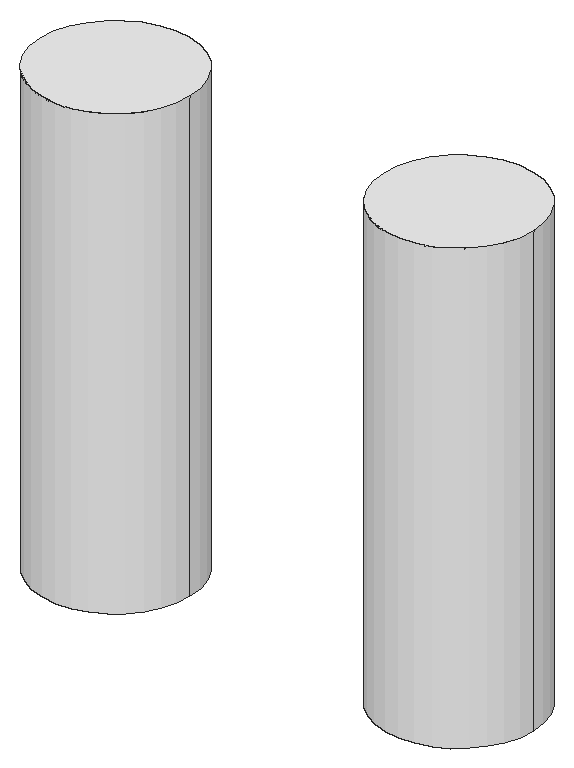
Revit family "93012219(2023)", category Plumbing Fixtures, Revit 2020
Family settings
  Round Connector Dimension = Use Diameter
  Part Type = Normal
  OmniClass Number = 23.45.55.00
  OmniClass Title = Sanitary Faucets, Wastes
  Work Plane-Based = No
  Always vertical = Yes
  Cut with Voids When Loaded = No
  Shared = No
  Room Calculation Point = No
Parameters (values of type "93012219 HANSAELECTRA")
  Working Pressure = "100 - 1000 kPa"
  WarrantyStartDate [instance] = "n/a"
  WarrantyGuarantorParts = "n/a"
  WarrantyGuarantorLabor = "n/a"
  WarrantyDurationUnit = "Year"
  WarrantyDurationParts = "n/a"
  WarrantyDurationLabor = "n/a"
  WarrantyDescription = "http://warranty.hansa.com"
  Warranty Information URL = "http://warranty.hansa.com"
  VersionDate = "20/02/2024"
  Version = "1"
  ValvePattern = "n/a"
  ValveOperation = "n/a"
  ValveMechanism = "n/a"
  Uniclass2015Reference = "Pr_40_20_87_96"
  Uniclass2015Description = "Washbasin manual water supply sets"
  Uniclass2 = "Pr_40_30_96_96"
  URL WEEE = "http://static.hansa.com/WEEE/93012219"
  URL REACH = "http://static.hansa.com/doc/reach"
  URL Materials Declaration = "http://www.hansa.com/fileadmin/resources/188805_93012219_materialsdeclaration.pdf"
  URL Environmental Product Declaration EPD = "http://www.hansa.com/fileadmin/resources/189536_Oras Group EPD_Touchless composite washbasin faucet.pdf"
  URL EcoLabel Declaration = "http://static.hansa.com/doc/EcoLabel"
  URL EU Packaging Declaration = "http://static.hansa.com/doc/packaging"
  URL Declaration of SCIP = "http://static.hansa.com/doc/SCIP"
  URL Declaration of Conformity = "http://static.hansa.com/DoC/93012219"
  URL Declaration of Asbestos = "http://static.hansa.com/doc/asbestos"
  URL Declaration Of Performance (DOP) = "http://static.hansa.com/doc/DoP"
  URL = ""
  UNSPSC Class Number = "30181700 Faucets or taps"
  Type Comments = ""
  TestPressure = "n/a"
  Technical DataSheet URL = "http://www.hansa.com/datasheet/93012219/en"
  TagNumber [instance] = "n/a"
  SustainabilityPerformance = "n/a"
  Surface treatment = "Chrome"
  Spout Type = "Fixed spout"
  Spout Projection = "118 mm"
  Size = "55x165x190 mm"
  Short Marketing = "Electra 93 series is giving you a whole new modern design with its rounded square body and spout giving you new fresh and updated design.\nThe tall design compliments the new trends of modern bathroom of more square design and shallow sinks, where the extra height gives you more comfortable usage.\n\nKey Features\nAerator with Tilt function +/- 10° for more flexible installation\nNewest Sensor technology for better detection and operation comfort\nBluetooth technology for easy adjustment to personalize settings \nColdwater\nBattery inside body and power cable option"
  Shape = "Sculptured"
  SerialNumber [instance] = "n/a"
  Sales Package dimensions (LxWxH) = "568 x 182 x 78"
  Revision = "n/a"
  ReplacementCost = "n/a"
  Protection Class = "IP 55"
  ProductInformation = "n/a"
  Product URL = "http://static.hansa.com/93012219"
  Product Image URL = "http://static.hansa.com/image/93012219"
  Product Family = "null Touchless;Battery-operated;External transformer;Bluetooth®;Lead free"
  Product Code = "93012219"
  OperatingMechanismMaterial = "n/a"
  Operating Voltage = 9 V
  Operating Distance = "20-130 mm (110/130/160 mm)"
  NominalWidth = 54.609 mm
  NominalHeight = 190 mm
  NominalDepth = 163.081 mm
  Noise Class = "I (ISO 3822) "
  Name_en = "93012219 HANSAELECTRA"
  Name = "93012219 HANSAELECTRA"
  NBSReference = "45-35-70/371"
  NBSDescription = "Water supply fittings for wash basins and troughs"
  Mounting Holes = "1 hole"
  ModelReference = "93012219"
  ModelNumber = "n/a"
  Model = "93012219 HANSAELECTRA"
  Mobile Product Information URL = "http://mpi.hansa.com/93012219"
  Mechanical Parts = "Non-return valve(s);Litter filter(s)"
  Max. Hot Water Supply = 70 °C
  Max Flow Period = "2 min (1 - 1800 s)"
  Material = "Composite"
  Market = "International;Germany;Austria;Switzerland;Belgium;Netherlands;Italy"
  ManufacturerURL = "http://www.hansa.com"
  ManufacturerName = "HANSA"
  Manufacturer = "HANSA"
  Long Marketing = "Bluetooth Touchless faucet with tilt aerator. +/- 10° adjustment option.\nSMART intelligent bluetooth sensor with 3 optical lenses for improved performance supported by app connection for personalized and easy adjustment of sensor settings.\nMetal free waterways due to high pressure composite construction and easy installation due to fast and easy 3S installation system."
  Keynote = ""
  Interactive AR View URL = "https://static.hansa.com/AR/93012219"
  InstallationDate [instance] = "n/a"
  Installation and Maintenance Guide URL = "http://static.hansa.com/manual/93012219"
  Installation Type = "Deck mounted"
  InletConnectionSize = 10 mm
  IfcExportType = "FAUCET"  # constant formula
  IfcExportAs = "IfcValveType"  # constant formula
  Group = "Sales item"
  Grade = "n/a"
  FlowCoefficient = 0
  Finish = "Polished"
  Features = "Washbasin faucet"
  FaucetMainMaterial = Brass
  FDV Document URL = "http://www.hansa.com/datasheet/93012219/en/fdv"
  ExpectedLife = "n/a"
  Electronic Parts = ";Light indicated function(s);Low battery indicator"
  Electrical Connection = "9 V"
  ETIM Class Number = "EC010340 Electronic tap"
  EN Standard = "EN 15091,\nETSI EN 301 489-1 V1.9.2 , \nETSI EN 300 328 v2.2.2 , \nEN 61000-6-1:2007 , \nEN 61000-6-3:2007+A1:2011+AC:2012 , \nEN 60335-1:2012+A11+A13+A1+A14+A2+A15:2021, Part 19.11.4"
  EMC Directive = "Radio Equipment Directive 2014/53/EU , \nLow Voltage Directive 2014/35/EU , \nEMC Directive 2014/30/EU , \nRoHS Directive 2011/65/EU"
  EAN Number = "4057304019517"
  DurationUnit = "Year"
  Dimension Drawing URL = "http://static.hansa.com/dimdrw/93012219"
  Description = ""
  DefaultElevation [instance] = 900 mm
  Default Elevation = 0 mm
  Constituents = "n/a"
  Connection Size = "G3/8"
  Connection = "Flexible inlet pipes;One inlet for cold or premixed water"
  Color = "Chrome"
  CodePerformance = "n/a"
  CloseOffRating = 0
  Catalog Drawing URL = "http://static.hansa.com/catdrw/93012219"
  CO2 Emissions (D) = -0.6
  CO2 Emissions (C4) = 0.76
  CO2 Emissions (C3) = 0
  CO2 Emissions (C2) = 0.01
  CO2 Emissions (A4) = 0.13
  CO2 Emissions (A1-A3) = 3.21
  Brand = "HANSA"
  BodyMaterial = "Brass"
  Bluetooth = "5.x (D060576)"
  Battery = "AA 1.5 V Lithium x 2"
  Barcode [instance] = "n/a"
  Backflow Prevention EN1717 = "EB"
  BIMObjectName = "93012219(2023)"
  Automatic Flush Period = "30 s (1-1800 s)"
  Automatic Flush Frequency = "off (off/1-120 h)"
  Author = "BIMStone"
  AssetType = "Fixed"
  AssetIdentifier [instance] = "n/a"
  Afterflow Period = "3 s (1-20 s)"
  Aerator = "PCA® - constant flow rate regardless of pressure variations;Adjustable flow angle"
  Advanced Features = "3S-installation system for safe and simple mounting;Software settings adjustable via App"
  AccessibilityPerformance = "n/a"
  3D View = "https://static.hansa.com/AR/93012219"
  2D/3D/BIM Files URL = "http://static.hansa.com/bim/93012219"
Reference planes
  plane 1 "Center (Front/Back)": y = 0
  plane 2: z = 0
  plane 3 "Center (Left/Right)": x = 0
  plane 4: x = -27.304
  plane 5: z = 900
  plane 6: z = 870
  plane 7: y = -163.081
  plane 8: x = 27.304
  plane 9: z = 1090
Forms (mm)
  Extrusion 1, solid, material "Brass" <- "FaucetMainMaterial"
    sketch origin (0, -2.393, 0) x (1, 0, 0) y (0, 1, 0)
      loop
        circle (-11.5, -22.5) r 5
      loop
        circle (11.5, -22.5) r 5
    from 870 to 900
Dimensions and locks
  "DefaultElevation": plane 5 to level
  locked: plane 5 to plane 6 at 30
  "NominalDepth": plane 7 to plane 1 "Center (Front/Back)"
  equal spacing: plane 4, plane 3 "Center (Left/Right)", plane 8
  "NominalHeight": plane 9 to plane 5
  "NominalWidth": plane 4 to plane 8
  "InletConnectionSize": diameter of Extrusion 1 sketch curve  (x2)
  aligned and locked: level to plane 2
  aligned and locked: plane 5 to Extrusion 1
  aligned and locked: Extrusion 1 to plane 6
  aligned and locked: plane 1 "Center (Front/Back)" to nested 2
  aligned and locked: plane 3 "Center (Left/Right)" to nested 2
  aligned and locked: plane 3 "Center (Left/Right)" to nested 1
  aligned and locked: plane 1 "Center (Front/Back)" to nested 1
  aligned and locked: plane 5 to nested 2
Automatic sketch dimensions
  Extrusion 1 sketch curve to plane 3 "Center (Left/Right)" = 11.5 mm
  plane 3 "Center (Left/Right)" to Extrusion 1 sketch curve = 11.5 mm
  plane 1 "Center (Front/Back)" to Extrusion 1 sketch curve = 24.893 mm
  Extrusion 1 sketch curve to Extrusion 1 sketch curve = 0 mm
Nested families
  nested 1: "Symbol" at (0, 0, 0), type "Symbol", detail levels coarse
  nested 2: "93012219(2023)_Body" at (0, 0, 900), Material <- "FaucetMainMaterial", type "93012219(2023)_Body"
    with Material Brass
Connectors
  piping at (-11.5, -24.893, 870), diameter 10, driven by "InletConnectionSize"
    settings: on Extrusion 1, index 1, connector inside diameter 609.6 mm, connector length 0 mm, flow factor 0, pipe flow 0.2 L/s, pressure drop 0.0 Pa, fitting loss kfactor 0, connector angle 0.00°, fixture units 0, engagement length 0 mm, angle of deflection 0.00°, flow configuration 1, flow direction 1, fitting loss method 0, system type 19, joint type 0, gender type 0, connector reference index -1, connector utility 0, adjustable connector no, is connector primary yes, connector description ""
  piping at (11.5, -24.893, 870), diameter 10, driven by "InletConnectionSize"
    settings: on Extrusion 1, index 2, connector inside diameter 609.6 mm, connector length 0 mm, flow factor 0, pipe flow 0.2 L/s, pressure drop 0.0 Pa, fitting loss kfactor 0, connector angle 0.00°, fixture units 0, engagement length 0 mm, angle of deflection 0.00°, flow configuration 1, flow direction 1, fitting loss method 0, system type 20, joint type 0, gender type 0, connector reference index -1, connector utility 0, adjustable connector no, is connector primary no, connector description ""
Definition of nested family "Symbol"
  Reference planes
    plane 1: y = 0
    plane 2: x = 0
  Lines and regions (mm)
    detail lines
      curve 1: line (0, 0, 0) -> (0, -1.8, 0)
      curve 2: line (-0.4, -1.1, 0) -> (0.4, -1.1, 0)
      curve 3: line (-0.4, -1.4, 0) -> (0.4, -1.4, 0)
      curve 4: line (0.863, 0, 0) -> (-0.863, 0, 0)
      curve 5: circle (-1.163, 0, 0) r 0.3 normal (0, 0, -1)
      curve 6: circle (1.163, 0, 0) r 0.3 normal (0, 0, 1)
